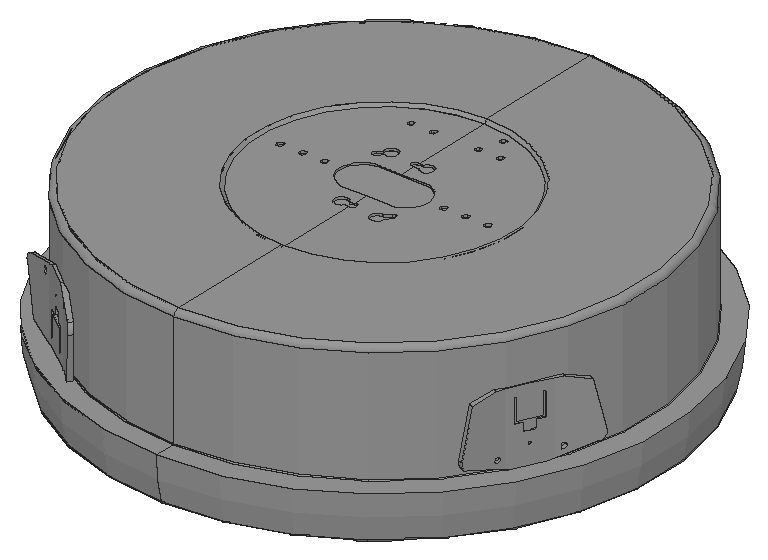
Revit family "Pelee Downlighter", category Lighting Fixtures, host Ceiling, Revit 2014 (continued)
Definition of nested family "385 Downlighter"
  Automatic sketch dimensions
    curve 3 to curve 5 = 1.937 mm
    curve 38 to curve 37 = 2.25 mm
    curve 39 to curve 39 = 2.25 mm
    curve 41 to curve 41 = 2.25 mm
    curve 43 to curve 43 = 2.25 mm
    curve 48 to curve 47 = 2.25 mm
    curve 45 to curve 45 = 2.25 mm
    curve 28 to curve 27 = 2 mm
    curve 26 to curve 25 = 2 mm
    curve 24 to curve 23 = 2 mm
    curve 29 to curve 29 = 2 mm
    curve 31 to curve 31 = 2 mm
    Extrusion 1 sketch curve to Extrusion 1 sketch curve = 2438.4 mm  (x2)
    curve 116 to level = 0 mm
    plane 4 to curve 65 = 0 mm
    curve 68 to plane 4 = 5.476 mm
    curve 67 to curve 67 = 0.16 mm
    curve 65 to level = 0 mm
    curve 65 to plane 4 = 14.4 mm
    curve 72 to curve 70 = 0.6 mm
    curve 70 to curve 69 = 4.016 mm
    curve 106 to level = 0 mm
    curve 72 to curve 106 = 62.359 mm
    curve 106 to curve 77 = 8.861 mm
    curve 106 to curve 99 = 9.295 mm
    curve 99 to curve 101 = 1.731 mm
    curve 98 to curve 92 = 2.744 mm
    curve 92 to curve 93 = 2.122 mm
    curve 93 to curve 95 = 3.021 mm
    curve 95 to curve 97 = 2.074 mm
    curve 96 to curve 98 = 2.627 mm
    curve 98 to curve 97 = 1.626 mm
    curve 76 to curve 77 = 18.389 mm
    curve 104 to curve 106 = 9.955 mm
    curve 66 to level = 4.222 mm
    curve 85 to curve 66 = 11.684 mm
    curve 120 to level = 4.222 mm
    plane 3 "Center (Left/Right)" to curve 120 = 68.262 mm
    plane 5 to curve 69 = 19.016 mm
    plane 5 to curve 124 = 16.699 mm
    plane 5 to curve 122 = 15.754 mm
    curve 124 to curve 109 = 1.699 mm
    curve 107 to curve 109 = 1.189 mm
    curve 122 to curve 123 = 2.897 mm
    plane 5 to curve 121 = 5.637 mm
    curve 121 to curve 68 = 0.16 mm
    plane 5 to curve 123 = 0 mm
    curve 101 to level = 6.98 mm
    curve 100 to curve 101 = 0.004 mm
    curve 102 to level = 6.986 mm
    curve 103 to curve 102 = 0.004 mm
    curve 98 to curve 105 = 14.02 mm
    curve 103 to curve 98 = 2 mm
    curve 100 to curve 98 = 2 mm
    curve 96 to curve 96 = 5.5 mm
    curve 93 to curve 94 = 0 mm
    curve 77 to curve 92 = 21.019 mm
    curve 108 to curve 110 = 27.463 mm
    level to curve 67 = 30.154 mm
    plane 4 to curve 84 = 8.535 mm
    curve 73 to curve 84 = 0.018 mm
    plane 4 to curve 76 = 8.585 mm
    curve 78 to curve 76 = 0.003 mm
    curve 85 to curve 84 = 1.134 mm
    curve 79 to curve 78 = 1.131 mm
    plane 4 to curve 74 = 831.218 mm
    plane 4 to curve 83 = 838.61 mm
    curve 82 to curve 83 = 28.917 mm
    plane 8 to curve 74 = 114.589 mm
    curve 74 to curve 85 = 1689.355 mm
    curve 83 to curve 74 = 17.078 mm
    plane 8 to curve 82 = 102.506 mm
    curve 82 to curve 83 = 57.664 mm
    curve 75 to curve 77 = 29.845 mm
    curve 74 to curve 76 = 3.433 mm
    curve 75 to curve 75 = 4.63 mm
    curve 75 to curve 75 = 0.03 mm
    curve 74 to level = 4.012 mm
    curve 74 to curve 73 = 13.862 mm
    curve 87 to curve 77 = 10.104 mm
    curve 86 to curve 87 = 1.797 mm
    curve 86 to curve 86 = 1.801 mm
    curve 86 to curve 87 = 0 mm
    curve 87 to curve 86 = 0.008 mm
    curve 87 to curve 86 = 1.801 mm
    curve 100 to curve 105 = 0.866 mm
    curve 105 to curve 105 = 0.001 mm
    curve 93 to curve 88 = 0.464 mm
    curve 94 to curve 94 = 1.496 mm
    curve 89 to curve 89 = 1.048 mm
    curve 88 to curve 89 = 1.049 mm
    curve 88 to curve 89 = 0 mm
    curve 89 to curve 88 = 0.001 mm
    curve 94 to curve 94 = 1.46 mm
    curve 88 to curve 88 = 1.049 mm
    curve 104 to curve 104 = 0.813 mm
    curve 104 to curve 103 = 0.813 mm
    curve 78 to curve 77 = 1.607 mm
    curve 79 to curve 90 = 4.268 mm
    curve 91 to curve 90 = 1.556 mm
    curve 90 to curve 91 = 1.558 mm
    curve 91 to curve 90 = 0 mm
    curve 90 to curve 91 = 0.005 mm
    curve 84 to curve 85 = 1.626 mm
    curve 90 to curve 90 = 1.558 mm
    curve 84 to curve 66 = 2.037 mm
    curve 85 to curve 66 = 0.364 mm
    curve 90 to curve 80 = 12.081 mm
    curve 80 to curve 80 = 0.034 mm
    curve 80 to curve 78 = 0.864 mm
    curve 80 to curve 81 = 1.711 mm
    curve 81 to curve 81 = 0.013 mm
    curve 80 to curve 81 = 1.678 mm
    curve 81 to curve 83 = 1.722 mm
    curve 80 to curve 82 = 1.698 mm
    curve 73 to plane 3 "Center (Left/Right)" = 15.898 mm
    curve 76 to plane 3 "Center (Left/Right)" = 15.846 mm
    curve 84 to plane 3 "Center (Left/Right)" = 15.781 mm
    curve 78 to plane 3 "Center (Left/Right)" = 15.76 mm
    curve 84 to curve 85 = 4.116 mm
    curve 78 to curve 79 = 4.115 mm
    curve 110 to curve 110 = 0.4 mm
    level to curve 116 = 5.915 mm
    curve 116 to curve 122 = 1.34 mm
    plane 5 to curve 114 = 16.852 mm
    curve 124 to curve 118 = 0.643 mm
    curve 118 to curve 119 = 0.234 mm
    curve 118 to curve 118 = 0.237 mm
    curve 118 to curve 119 = 0 mm
    curve 119 to curve 118 = 0.002 mm
    curve 119 to curve 119 = 0.237 mm
    curve 110 to curve 111 = 2.897 mm
    curve 116 to curve 117 = 2.896 mm
    curve 114 to curve 115 = 2.902 mm
    curve 114 to level = 4.012 mm
    curve 114 to curve 117 = 0.436 mm
    curve 118 to curve 113 = 2.843 mm
    curve 118 to curve 113 = 3.102 mm
    curve 113 to curve 113 = 0.291 mm
    curve 113 to curve 114 = 1.094 mm
    curve 114 to curve 117 = 2.943 mm
    curve 114 to curve 112 = 1.808 mm
    curve 114 to curve 112 = 1.819 mm
    curve 113 to curve 111 = 2.974 mm
    curve 112 to curve 115 = 1.171 mm
    curve 117 to curve 116 = 2.468 mm
    curve 117 to curve 111 = 0.084 mm
    curve 111 to curve 110 = 2.466 mm
    plane 8 to curve 115 = 114.59 mm
    curve 116 to curve 115 = 3062.553 mm
    curve 115 to curve 114 = 99.227 mm
    curve 79 to level = 9.099 mm
    curve 78 to curve 79 = 1.249 mm
    curve 75 to curve 75 = 4.101 mm
    curve 111 to curve 112 = 17.557 mm
    curve 80 to curve 81 = 9.831 mm
    curve 112 to curve 114 = 1.327 mm
    curve 112 to curve 112 = 1.152 mm
    curve 83 to curve 82 = 0.044 mm
    curve 88 to curve 94 = 6.957 mm
    curve 88 to curve 88 = 0 mm
    curve 85 to curve 84 = 1.249 mm
    curve 113 to curve 113 = 1.328 mm
    curve 77 to curve 86 = 9.702 mm
    curve 113 to curve 118 = 2.14 mm
    curve 79 to curve 90 = 9.702 mm
    curve 86 to curve 87 = 0.028 mm
    curve 118 to curve 119 = 0.027 mm
    curve 90 to curve 91 = 0.02 mm
    plane 7 to curve 125 = 0 mm
    plane 7 to curve 209 = 5.562 mm
    curve 170 to level = 0.599 mm
    plane 7 to curve 170 = 14.401 mm
    plane 7 to curve 168 = 15 mm
    curve 169 to curve 169 = 4 mm
    curve 169 to curve 139 = 0.033 mm
    curve 204 to level = 0 mm
    curve 168 to curve 204 = 16.541 mm
    curve 169 to curve 175 = 18.688 mm
    curve 171 to curve 200 = 6.441 mm
    curve 195 to curve 201 = 1.168 mm
    curve 199 to curve 194 = 1.829 mm
    curve 193 to curve 193 = 1.396 mm
    curve 192 to curve 191 = 1.958 mm
    curve 194 to curve 196 = 4.677 mm
    curve 190 to curve 201 = 1.652 mm
    curve 198 to curve 197 = 1.008 mm
    curve 174 to curve 175 = 13.285 mm
    curve 202 to curve 204 = 7.397 mm
    curve 208 to level = 3.994 mm
    curve 182 to curve 208 = 67.311 mm
    curve 206 to level = 3.994 mm
    curve 206 to plane 1 "Center (Front/Back)" = 69.475 mm
    curve 146 to level = 0 mm
    plane 6 to curve 146 = 42.416 mm
    plane 6 to curve 128 = 38.746 mm
    curve 146 to curve 159 = 6.491 mm
    curve 159 to curve 164 = 0.793 mm
    curve 159 to curve 159 = 2.105 mm
    curve 155 to curve 155 = 1.061 mm
    curve 155 to curve 156 = 1.584 mm
    curve 158 to curve 161 = 3.783 mm
    curve 157 to curve 163 = 1.504 mm
    curve 163 to curve 162 = 0.966 mm
    curve 128 to curve 128 = 11.425 mm
    curve 162 to curve 146 = 5.41 mm
    plane 6 to curve 141 = 19 mm
    curve 141 to curve 140 = 4 mm
    curve 143 to level = 0.599 mm
    curve 146 to curve 143 = 7.156 mm
    curve 142 to curve 142 = 0.599 mm
    plane 6 to curve 205 = 5.562 mm
    curve 147 to plane 6 = 0 mm
    curve 163 to level = 6.98 mm
    curve 198 to level = 6.982 mm
    curve 197 to curve 198 = 0.001 mm
    curve 162 to curve 163 = 0.005 mm
    curve 165 to curve 163 = 0.006 mm
    curve 199 to level = 6.986 mm
    curve 200 to curve 199 = 0.003 mm
    curve 160 to curve 165 = 0.016 mm
    curve 199 to curve 199 = 14.014 mm
    curve 164 to curve 165 = 14.015 mm
    curve 161 to curve 163 = 2 mm
    curve 196 to curve 198 = 2 mm
    curve 160 to curve 164 = 2 mm
    curve 195 to curve 199 = 2 mm
    curve 190 to curve 190 = 5.5 mm
    curve 155 to curve 158 = 5.5 mm
    curve 155 to curve 157 = 0 mm
    curve 193 to curve 192 = 0 mm
    curve 140 to curve 156 = 15.006 mm
    curve 175 to curve 193 = 21.02 mm
    curve 128 to curve 140 = 6.014 mm
    curve 169 to curve 174 = 27.48 mm
    curve 143 to curve 142 = 2.736 mm
    level to curve 207 = 30.225 mm
    level to curve 209 = 30.225 mm
    curve 207 to curve 205 = 0.775 mm
    level to curve 183 = 5.751 mm
    curve 183 to plane 7 = 115.768 mm
    curve 176 to curve 183 = 0.082 mm
    curve 171 to curve 183 = 0.132 mm
    curve 174 to curve 176 = 0.104 mm
    curve 182 to curve 183 = 2.217 mm
    curve 177 to curve 176 = 2.215 mm
    curve 181 to plane 7 = 1414.772 mm
    curve 172 to plane 7 = 1432.933 mm
    curve 180 to curve 181 = 43.53 mm
    plane 8 to curve 181 = 114.589 mm
    curve 181 to curve 182 = 2554.475 mm
    plane 8 to curve 172 = 103.232 mm
    curve 172 to curve 181 = 32.198 mm
    plane 8 to curve 180 = 116.106 mm
    curve 180 to curve 172 = 50.799 mm
    plane 7 to curve 172 = 16.049 mm
    curve 172 to curve 173 = 2.621 mm
    curve 172 to curve 173 = 3.513 mm
    curve 174 to curve 173 = 0.927 mm
    curve 172 to level = 4.012 mm
    curve 168 to curve 172 = 6.442 mm
    curve 189 to curve 175 = 7.029 mm
    curve 189 to curve 188 = 1.27 mm
    curve 188 to curve 189 = 1.272 mm
    curve 189 to curve 188 = 0 mm
    curve 188 to curve 189 = 0.004 mm
    curve 188 to curve 188 = 1.272 mm
    curve 203 to curve 203 = 0.584 mm
    curve 200 to curve 203 = 0.584 mm
    curve 193 to curve 187 = 0.303 mm
    curve 192 to curve 192 = 0.956 mm
    curve 186 to curve 187 = 0.68 mm  (x2)
    curve 186 to curve 187 = 0 mm  (x2)
    curve 187 to curve 186 = 0.001 mm
    curve 192 to curve 192 = 0.96 mm
    curve 187 to curve 187 = 0.68 mm
    curve 202 to curve 197 = 0.504 mm
    curve 202 to curve 202 = 0.001 mm
    curve 176 to curve 175 = 2.411 mm
    curve 177 to curve 185 = 1.125 mm
    curve 184 to curve 185 = 0.903 mm
    curve 184 to curve 184 = 0.905 mm
    curve 184 to curve 185 = 0 mm
    curve 185 to curve 184 = 0.004 mm
    curve 183 to curve 182 = 2.418 mm
    curve 185 to curve 185 = 0.905 mm
    curve 183 to level = 4.012 mm
    curve 182 to curve 183 = 3.761 mm
    curve 184 to curve 178 = 7.464 mm
    curve 178 to curve 178 = 0.011 mm
    curve 178 to curve 176 = 0.398 mm
    curve 183 to curve 182 = 2.456 mm
    curve 178 to curve 178 = 1.645 mm
    curve 181 to curve 179 = 0.777 mm
    curve 178 to curve 179 = 2.048 mm
    curve 179 to curve 177 = 0.433 mm
    curve 179 to curve 179 = 1.679 mm
    level to curve 171 = 32.669 mm
    curve 177 to curve 174 = 20.939 mm
    curve 183 to curve 176 = 0.002 mm
    curve 183 to curve 182 = 3.089 mm
    curve 182 to curve 177 = 0.003 mm
    curve 135 to curve 159 = 17.337 mm
    curve 135 to curve 130 = 0 mm
    curve 135 to curve 136 = 3.225 mm
    curve 130 to curve 129 = 3.226 mm
    curve 127 to curve 128 = 11.259 mm
    curve 127 to curve 144 = 0 mm  (x2)
    level to curve 145 = 27.578 mm
    curve 145 to curve 135 = 7.572 mm
    curve 145 to curve 137 = 0 mm  (x2)
    curve 129 to curve 132 = 1.249 mm
    curve 134 to curve 130 = 0.854 mm
    curve 129 to curve 132 = 2.359 mm
    curve 134 to curve 132 = 1.12 mm
    curve 135 to level = 4.012 mm
    curve 135 to curve 146 = 4.55 mm
    curve 132 to curve 131 = 1.687 mm
    curve 130 to curve 129 = 2.753 mm
    curve 129 to curve 131 = 0.286 mm
    curve 131 to curve 131 = 1.112 mm
    curve 135 to curve 136 = 2.739 mm
    curve 131 to curve 150 = 4.678 mm
    curve 146 to curve 136 = 2.661 mm
    curve 150 to curve 150 = 0.679 mm
    curve 150 to curve 151 = 0.682 mm  (x2)
    curve 151 to curve 150 = 0 mm
    curve 150 to curve 151 = 0.001 mm
    curve 128 to curve 129 = 2.629 mm
    curve 160 to curve 167 = 0.397 mm
    curve 167 to curve 167 = 0 mm
    curve 155 to curve 152 = 0.238 mm
    curve 155 to curve 154 = 0.777 mm
    curve 152 to curve 152 = 0.55 mm  (x2)
    curve 153 to curve 152 = 0 mm
    curve 152 to curve 153 = 0.001 mm
    curve 154 to curve 154 = 0.767 mm
    curve 153 to curve 152 = 0.55 mm
    curve 166 to curve 166 = 0.482 mm
    curve 166 to curve 166 = 0.483 mm
    curve 144 to curve 149 = 3.758 mm
    curve 149 to curve 148 = 1.075 mm
    curve 149 to curve 149 = 1.079 mm
    curve 149 to curve 148 = 0 mm
    curve 148 to curve 149 = 0.002 mm
    curve 148 to curve 148 = 1.079 mm
    curve 137 to curve 138 = 1.553 mm
    plane 6 to curve 126 = 11.834 mm
    curve 126 to curve 126 = 0.013 mm
    curve 144 to curve 126 = 4.001 mm
    curve 126 to curve 138 = 3.124 mm
    curve 137 to curve 136 = 0.052 mm
    curve 136 to curve 127 = 0.017 mm
    curve 144 to curve 129 = 0.057 mm
    curve 136 to curve 135 = 2.118 mm
    curve 129 to curve 130 = 2.115 mm
    curve 138 to plane 6 = 1369.846 mm
    curve 133 to plane 6 = 1383.938 mm
    curve 133 to curve 134 = 43.73 mm
    plane 8 to curve 138 = 114.589 mm
    curve 135 to curve 138 = 2762.602 mm
    plane 8 to curve 133 = 103.232 mm
    curve 138 to curve 133 = 31.207 mm
    plane 8 to curve 134 = 102.505 mm
    curve 133 to curve 134 = 94.526 mm
    curve 135 to curve 136 = 0 mm
    curve 137 to curve 137 = 0.677 mm
    curve 180 to curve 183 = 0 mm
    curve 177 to curve 182 = 1.498 mm
    curve 176 to curve 183 = 2.911 mm
    curve 132 to curve 130 = 6.795 mm
    curve 132 to curve 129 = 2.028 mm
    curve 138 to curve 126 = 4.102 mm
    curve 187 to curve 192 = 5.707 mm
    curve 153 to curve 154 = 6.957 mm
    curve 152 to curve 152 = 0 mm
    curve 173 to curve 172 = 0.942 mm
    curve 184 to curve 178 = 2.857 mm
    curve 144 to curve 148 = 3.689 mm
    curve 131 to curve 151 = 2.143 mm
    curve 175 to curve 188 = 9.702 mm
    curve 148 to curve 149 = 0.028 mm
    curve 184 to curve 185 = 0.028 mm
    curve 188 to curve 189 = 0.02 mm
    curve 151 to curve 150 = 0.02 mm
    Revolve 2 sketch curve to Revolve 2 sketch curve = 0 mm  (x2)
    Revolve 2 sketch curve to plane 3 "Center (Left/Right)" = 0 mm  (x3)
    Revolve 2 sketch curve to plane 4 = 5.636 mm
    Revolve 2 sketch curve to Revolve 2 sketch curve = 1.129 mm  (x9)
    Revolve 2 sketch curve to Revolve 2 sketch curve = 0.852 mm  (x17)
    Revolve 2 sketch curve to Revolve 2 sketch curve = 0.131 mm  (x9)
    Revolve 2 sketch curve to level = 0.6 mm
    Revolve 2 sketch curve to plane 4 = 14.4 mm
    Revolve 2 sketch curve to Revolve 2 sketch curve = 0.6 mm
    Revolve 2 sketch curve to Revolve 2 sketch curve = 1 mm  (x3)
    Revolve 2 sketch curve to Revolve 2 sketch curve = 3 mm
    level to Revolve 2 sketch curve = 14.911 mm
    level to Revolve 2 sketch curve = 13.411 mm
    level to Revolve 2 sketch curve = 11.849 mm
    level to Revolve 2 sketch curve = 10.349 mm
    level to Revolve 2 sketch curve = 8.787 mm
    Revolve 2 sketch curve to level = 0 mm
    Revolve 2 sketch curve to Revolve 2 sketch curve = 0.948 mm
    level to Revolve 2 sketch curve = 7.287 mm
    level to Revolve 2 sketch curve = 5.726 mm
    Revolve 2 sketch curve to Revolve 2 sketch curve = 86.336 mm
    Revolve 2 sketch curve to Revolve 2 sketch curve = 0.414 mm  (x2)
    Revolve 2 sketch curve to Revolve 2 sketch curve = 1.937 mm
    Revolve 2 sketch curve to level = 4.413 mm
    Revolve 2 sketch curve to plane 3 "Center (Left/Right)" = 66.543 mm
    Revolve 2 sketch curve to Revolve 2 sketch curve = 76.4 mm
    Revolve 2 sketch curve to Revolve 2 sketch curve = 78.062 mm
    Revolve 2 sketch curve to Revolve 2 sketch curve = 1.5 mm
    Revolve 2 sketch curve to Revolve 2 sketch curve = 0.075 mm  (x9)
    Revolve 2 sketch curve to Revolve 2 sketch curve = 0.781 mm  (x5)
    Revolve 2 sketch curve to Revolve 2 sketch curve = 1.425 mm  (x5)
    Revolve 2 sketch curve to Revolve 2 sketch curve = 0.008 mm
    Revolve 2 sketch curve to Revolve 2 sketch curve = 1.938 mm
    Revolve 2 sketch curve to Revolve 2 sketch curve = 25 mm
    Extrusion 3 sketch curve to plane 3 "Center (Left/Right)" = 0 mm  (x7)
    Extrusion 3 sketch curve to plane 1 "Center (Front/Back)" = 70.144 mm
    Extrusion 3 sketch curve to Extrusion 3 sketch curve = 15 mm  (x7)
    Extrusion 3 sketch curve to plane 1 "Center (Front/Back)" = 30.191 mm
    Extrusion 3 sketch curve to plane 1 "Center (Front/Back)" = 26.362 mm
    Extrusion 3 sketch curve to Extrusion 3 sketch curve = 1.626 mm  (x6)
    Extrusion 3 sketch curve to Extrusion 3 sketch curve = 3.02 mm  (x7)
    Extrusion 3 sketch curve to Extrusion 3 sketch curve = 10.268 mm
    Extrusion 3 sketch curve to Extrusion 3 sketch curve = 4.361 mm  (x2)
    Extrusion 3 sketch curve to plane 1 "Center (Front/Back)" = 15 mm
    Extrusion 3 sketch curve to plane 1 "Center (Front/Back)" = 6.888 mm
    Extrusion 3 sketch curve to plane 1 "Center (Front/Back)" = 3.02 mm  (x2)
    Extrusion 3 sketch curve to plane 1 "Center (Front/Back)" = 1.25 mm
    plane 1 "Center (Front/Back)" to Extrusion 3 sketch curve = 1.25 mm
    plane 1 "Center (Front/Back)" to Extrusion 3 sketch curve = 3.02 mm  (x2)
    Extrusion 3 sketch curve to Extrusion 3 sketch curve = 3.868 mm
    plane 1 "Center (Front/Back)" to Extrusion 3 sketch curve = 15 mm
    plane 1 "Center (Front/Back)" to Extrusion 3 sketch curve = 15.191 mm
    Extrusion 3 sketch curve to Extrusion 3 sketch curve = 3.981 mm
    Extrusion 3 sketch curve to Extrusion 3 sketch curve = 1.109 mm
    Extrusion 3 sketch curve to Extrusion 3 sketch curve = 25.144 mm
    Extrusion 3 sketch curve to Extrusion 3 sketch curve = 7.209 mm  (x2)
    Extrusion 3 sketch curve to Extrusion 3 sketch curve = 10.19 mm  (x2)
    Extrusion 3 sketch curve to Extrusion 3 sketch curve = 2.3 mm  (x2)
    Extrusion 3 sketch curve to Extrusion 3 sketch curve = 31.045 mm
    Extrusion 3 sketch curve to Extrusion 3 sketch curve = 33.145 mm
    Extrusion 3 sketch curve to Extrusion 3 sketch curve = 0 mm  (x2)
    Extrusion 3 sketch curve to Extrusion 3 sketch curve = 15.223 mm
    Extrusion 4 sketch curve to plane 1 "Center (Front/Back)" = 0 mm
    Extrusion 4 sketch curve to plane 3 "Center (Left/Right)" = 0 mm
    plane 4 to Revolve 5 sketch curve = 0 mm
    Revolve 5 sketch curve to plane 3 "Center (Left/Right)" = 0 mm  (x2)
    Revolve 5 sketch curve to plane 4 = 5.023 mm
    Revolve 5 sketch curve to level = 0 mm
    Revolve 5 sketch curve to plane 4 = 15 mm
    Revolve 5 sketch curve to level = 4.222 mm
    Revolve 5 sketch curve to plane 3 "Center (Left/Right)" = 68.262 mm
    Revolve 5 sketch curve to level = 81 mm
    Revolve 5 sketch curve to Revolve 5 sketch curve = 0 mm
    Revolve 5 sketch curve to plane 8 = 36 mm
    radius of Extrusion 3 sketch curve = 2.25 mm  (x6)
    radius of Extrusion 3 sketch curve = 2 mm  (x5)
    radius of Extrusion 4 sketch curve = 192.5 mm
  Nested families
    nested 1: "Switch" at (177.493, 1.524, -26.686) x (0.0086, -1, 0) z (1, 0.0086, 0), visible <- "Visible 385", type "Switch"
    nested 2: "Switch" at (-76.726, 160.061, -23.297) x (-0.9017, -0.4323, 0) z (-0.4323, 0.9017, 0), visible <- "Visible 385", type "Switch"
    nested 3: "Switch" at (-141.076, -107.721, -26.686) x (-0.6069, 0.7948, 0) z (-0.7948, -0.6069, 0), visible <- "Visible 385", type "Switch"
  Definition of nested family "Switch"
    Parameters (values of type "Switch")
      Material Secondary = Acrylic-Focus Lighting-Switch-Polished
      Default Elevation = 1219.2 mm
    Reference planes
      plane 1 "Center (Front/Back)": y = 0
      plane 2: z = 0
      plane 3 "Center (Left/Right)": x = 0
    Forms (mm)
      Extrusion 1, solid
        sketch origin (0, 0, 0) x (1, 0, 0) y (0, 1, 0)
          loop
            line (-1219.2, 1219.2) -> (-1219.2, -1219.2) -> (1219.2, -1219.2) -> (1219.2, 1219.2) -> (-1219.2, 1219.2)
        from 0 to -304.8
      Extrusion 2, solid, material "Acrylic-Focus Lighting-Switch-Polished" <- "Material Secondary"
        sketch origin (405.62, -1444.455, -44.764) x (1, 0, 0) y (0, 1, 0)
          loop
            line (-425, 1418) -> (-385, 1418) -> (-370.028, 1422.012) -> (-362.674, 1453.864)
            arc (-362.674, 1453.864) -> (-363.26, 1457.564) -> (-366.252, 1459.818) r 5
            line (-366.252, 1459.818) -> (-395, 1467.521) -> (-415, 1467.521) -> (-443.748, 1459.818)
            arc (-443.748, 1459.818) -> (-446.74, 1457.564) -> (-447.326, 1453.864) r 5
            line (-447.326, 1453.864) -> (-439.972, 1422.012) -> (-425, 1418)
          loop
            circle (-385.626, 1459.818) r 2
          loop
            circle (-424.374, 1459.818) r 2
          loop
            arc (-397.5, 1425) -> (-396.5, 1424) -> (-395.5, 1425) r 1
            line (-395.5, 1425) -> (-395.5, 1441) -> (-400.7, 1441) -> (-400.7, 1446.5) -> (-403.2, 1446.5)
            arc (-403.2, 1446.5) -> (-405, 1447.155) -> (-406.8, 1446.5) r 2.802
            line (-406.8, 1446.5) -> (-409.3, 1446.5) -> (-409.3, 1441) -> (-414.5, 1441) -> (-414.5, 1425)
            arc (-414.5, 1425) -> (-413.5, 1424) -> (-412.5, 1425) r 1
            line (-412.5, 1425) -> (-412.5, 1439) -> (-397.5, 1439) -> (-397.5, 1425)
          loop
            circle (-405, 1454.112) r 1.25
        from 39.908 to 54.139
      Extrusion 3, void
        sketch origin (2.42, -1444.455, -236.264) x (0, 0, 1) y (1, 0, 0)
          loop
            arc (242.221, 42.188) -> (237.07, -1.603) -> (242.872, -45.313) r 177.5
            line (242.872, -45.313) -> (249.308, -45.313) -> (249.308, 42.188) -> (242.221, 42.188)
          loop
            line (239.113, 42.188) -> (229.113, 42.188) -> (229.113, -45.313) -> (239.885, -45.313)
            arc (239.885, -45.313) -> (234.177, -1.609) -> (239.113, 42.188) r 182.5
        from 1414.774 to 1471.01
    Cuts and joins
      Extrusion 3 cuts Extrusion 2
    Dimensions and locks
      aligned and locked: plane 2 to Extrusion 1
      aligned and locked: level to Extrusion 1
Definition of nested family "250 Downlighter"
  Parameters (values of type "250 Downlighter")
    Width = 250 mm
    Visible 250 = yes
    Material Secondary = Acrylic-Focus Lighting-Switch-Polished
    Material Main = Aluminum-Focus Lighting-Pelee 250-Satin
    Height = 112 mm
    Depth = 250 mm
    Default Elevation = 1219.2 mm
  Reference planes
    plane 1 "Center (Front/Back)": y = 0
    plane 2: z = 0
    plane 3 "Center (Left/Right)": x = 0
    plane 4: x = -125
    plane 5: x = 125
    plane 6: y = 125
    plane 7: y = -125
    plane 8: z = 112
  Forms (mm)
    Extrusion 1, solid
      sketch origin (0, 0, 0) x (1, 0, 0) y (0, 1, 0)
        loop
          line (-1219.2, 1219.2) -> (-1219.2, -1219.2) -> (1219.2, -1219.2) -> (1219.2, 1219.2) -> (-1219.2, 1219.2)
      from 0 to -304.8
    Revolve 2, solid, material "Aluminum-Focus Lighting-Pelee 250-Satin", visible <- "Visible 250", detail levels fine
      sketch origin (0, 0, 1500) x (1, 0, 0) y (0, 0, 1)
        loop
          arc (-120.178, -1388.613) -> (-123.52, -1403.659) -> (-125, -1419) r 126.034
          line (-125, -1419) -> (-110.6, -1419)
          arc (-110.6, -1419) -> (-110.176, -1419.176) -> (-110, -1419.6) r 0.6
          line (-110, -1419.6) -> (-110, -1496)
          arc (-110, -1496) -> (-108.828, -1498.828) -> (-106, -1500) r 4
          line (-106, -1500) -> (0, -1500) -> (0, -1499) -> (-106, -1499)
          arc (-106, -1499) -> (-108.121, -1498.121) -> (-109, -1496) r 3
          line (-109, -1496) -> (-109, -1420) -> (0, -1420) -> (0, -1419) -> (-96.538, -1419) -> (-96.538, -1414.774) -> (-93.538, -1414.774) -> (-93.669, -1413.274)
          arc (-93.669, -1413.274) -> (-93.943, -1412.718) -> (-94.521, -1412.493) r 0.855
          line (-94.521, -1412.493) -> (-95.65, -1412.493)
          arc (-95.65, -1412.493) -> (-96.228, -1412.269) -> (-96.502, -1411.713) r 0.855
          line (-96.502, -1411.713) -> (-96.633, -1410.213)
          arc (-96.633, -1410.213) -> (-96.908, -1409.656) -> (-97.486, -1409.432) r 0.855
          line (-97.486, -1409.432) -> (-98.614, -1409.432)
          arc (-98.614, -1409.432) -> (-99.192, -1409.207) -> (-99.466, -1408.651) r 0.855
          line (-99.466, -1408.651) -> (-99.598, -1407.151)
          arc (-99.598, -1407.151) -> (-99.872, -1406.595) -> (-100.45, -1406.37) r 0.855
          line (-100.45, -1406.37) -> (-101.578, -1406.37)
          arc (-101.578, -1406.37) -> (-102.156, -1406.145) -> (-102.431, -1405.589) r 0.855
          line (-102.431, -1405.589) -> (-102.562, -1404.089)
          arc (-102.562, -1404.089) -> (-102.836, -1403.533) -> (-103.414, -1403.308) r 0.855
          line (-103.414, -1403.308) -> (-104.543, -1403.308)
          arc (-104.543, -1403.308) -> (-105.121, -1403.084) -> (-105.395, -1402.528) r 0.855
          line (-105.395, -1402.528) -> (-105.526, -1401.028)
          arc (-105.526, -1401.028) -> (-105.8, -1400.471) -> (-106.378, -1400.247) r 0.855
          line (-106.378, -1400.247) -> (-107.507, -1400.247)
          arc (-107.507, -1400.247) -> (-108.085, -1400.022) -> (-108.359, -1399.466) r 0.855
          line (-108.359, -1399.466) -> (-108.49, -1397.966)
          arc (-108.49, -1397.966) -> (-108.764, -1397.41) -> (-109.342, -1397.185) r 0.855
          line (-109.342, -1397.185) -> (-110.471, -1397.185)
          arc (-110.471, -1397.185) -> (-111.049, -1396.96) -> (-111.323, -1396.404) r 0.855
          line (-111.323, -1396.404) -> (-111.454, -1394.904)
          arc (-111.454, -1394.904) -> (-111.729, -1394.348) -> (-112.307, -1394.123) r 0.855
          line (-112.307, -1394.123) -> (-113.435, -1394.123)
          arc (-113.435, -1394.123) -> (-114.013, -1393.899) -> (-114.287, -1393.343) r 0.855
          line (-114.287, -1393.343) -> (-114.419, -1391.843)
          arc (-114.419, -1391.843) -> (-114.693, -1391.286) -> (-115.271, -1391.062) r 0.855
          line (-115.271, -1391.062) -> (-116.399, -1391.062)
          arc (-116.399, -1391.062) -> (-116.977, -1390.837) -> (-117.252, -1390.281) r 0.855
          line (-117.252, -1390.281) -> (-117.383, -1388.781)
          arc (-117.383, -1388.781) -> (-117.657, -1388.225) -> (-118.235, -1388) r 0.855
          line (-118.235, -1388) -> (-119.364, -1388)
          arc (-119.364, -1388) -> (-119.873, -1388.17) -> (-120.178, -1388.613) r 0.847
        axis (0, -1388) -> (0, -1500)
      angle from 0 to 360
    Extrusion 3, void
      sketch origin (0, 0, -1498.653) x (0, -1, 0) y (1, 0, 0)
        loop
          circle (-16, 0) r 11
        loop
          circle (16, 0) r 11
        loop
          circle (101, 0) r 2.5
        loop
          circle (-101, 0) r 2.5
      from 1498.653 to 1500
    Extrusion 4, solid, visible <- "Visible 250", detail levels coarse
      sketch origin (0, 0, -1388) x (0, -1, 0) y (1, 0, 0)
        loop
          circle (0, 0) r 125
      from 1388 to 1500
    Revolve 5, solid, visible <- "Visible 250", detail levels medium
      sketch origin (0, 0, 1500) x (1, 0, 0) y (0, 0, 1)
        loop
          line (-110, -1419) -> (-110, -1500) -> (0, -1500) -> (0, -1388) -> (-119.967, -1388)
          arc (-119.967, -1388) -> (-123.46, -1403.341) -> (-125, -1419) r 125.092
          line (-125, -1419) -> (-110, -1419)
        axis (0, -1388) -> (0, -1500)
      angle from 0 to 360
  Cuts and joins
    Extrusion 3 cuts Revolve 2
    Extrusion 3 cuts Revolve 5
  Lines and regions (mm)
    symbolic lines, visible <- "Visible 250", detail levels fine
      curve 1: arc (11, 16, 0) -> (0, 5, 0) -> (-11, 16, 0) r 11
      curve 2: arc (-11, 16, 0) -> (0, 27, 0) -> (11, 16, 0) r 11
      curve 3: arc (11, -16, 0) -> (0, -27, 0) -> (-11, -16, 0) r 11
      curve 4: arc (-11, -16, 0) -> (0, -5, 0) -> (11, -16, 0) r 11
      curve 5: arc (2.5, -101, 0) -> (0, -103.5, 0) -> (-2.5, -101, 0) r 2.5
      curve 6: arc (-2.5, -101, 0) -> (0, -98.5, 0) -> (2.5, -101, 0) r 2.5
      curve 7: arc (2.5, 101, 0) -> (0, 98.5, 0) -> (-2.5, 101, 0) r 2.5
      curve 8: arc (-2.5, 101, 0) -> (0, 103.5, 0) -> (2.5, 101, 0) r 2.5
      curve 63: spline (108.967, 0, 39.183) -> (108.959, 0, 38.664) -> (108.939, 0, 38.181) -> (108.907, 0, 37.766) -> (108.866, 0, 37.449) -> (108.818, 0, 37.249) -> (108.768, 0, 37.181) -> (108.718, 0, 37.249) -> (108.671, 0, 37.449) -> (108.631, 0, 37.767) -> (108.601, 0, 38.181) -> (108.582, 0, 38.665) -> (108.576, 0, 39.184)
      curve 64: spline (108.576, 0, 39.184) -> (108.583, 0, 39.702) -> (108.603, 0, 40.185) -> (108.635, 0, 40.599) -> (108.675, 0, 40.917) -> (108.723, 0, 41.116) -> (108.773, 0, 41.184) -> (108.823, 0, 41.116) -> (108.87, 0, 40.916) -> (108.91, 0, 40.599) -> (108.941, 0, 40.185) -> (108.96, 0, 39.702) -> (108.967, 0, 39.183)
      curve 65: spline (-79.19, 0, 39.183) -> (-79.126, 0, 39.702) -> (-78.944, 0, 40.185) -> (-78.657, 0, 40.6) -> (-78.285, 0, 40.918) -> (-77.852, 0, 41.117) -> (-77.388, 0, 41.185) -> (-76.924, 0, 41.117) -> (-76.491, 0, 40.918) -> (-76.119, 0, 40.6) -> (-75.833, 0, 40.185) -> (-75.652, 0, 39.702) -> (-75.588, 0, 39.183)
      curve 66: spline (-75.588, 0, 39.183) -> (-75.653, 0, 38.664) -> (-75.834, 0, 38.182) -> (-76.121, 0, 37.767) -> (-76.493, 0, 37.45) -> (-76.926, 0, 37.25) -> (-77.39, 0, 37.182) -> (-77.854, 0, 37.25) -> (-78.287, 0, 37.45) -> (-78.659, 0, 37.767) -> (-78.945, 0, 38.182) -> (-79.126, 0, 38.664) -> (-79.19, 0, 39.183)
      curve 67: spline (-59.493, 0, 44.891) -> (-59.529, 0, 45.214) -> (-59.634, 0, 45.516) -> (-59.8, 0, 45.775) -> (-60.018, 0, 45.973) -> (-60.271, 0, 46.098) -> (-60.542, 0, 46.14) -> (-60.814, 0, 46.098) -> (-61.067, 0, 45.973) -> (-61.284, 0, 45.774) -> (-61.451, 0, 45.515) -> (-61.555, 0, 45.214) -> (-61.591, 0, 44.89)
      curve 68: spline (-61.591, 0, 44.89) -> (-61.555, 0, 44.567) -> (-61.45, 0, 44.265) -> (-61.284, 0, 44.006) -> (-61.066, 0, 43.808) -> (-60.813, 0, 43.683) -> (-60.542, 0, 43.64) -> (-60.27, 0, 43.683) -> (-60.017, 0, 43.808) -> (-59.8, 0, 44.007) -> (-59.633, 0, 44.266) -> (-59.529, 0, 44.567) -> (-59.493, 0, 44.891)
      curve 69: spline (-46.43, 0, 39.184) -> (-46.375, 0, 39.702) -> (-46.219, 0, 40.185) -> (-45.971, 0, 40.599) -> (-45.649, 0, 40.917) -> (-45.274, 0, 41.117) -> (-44.872, 0, 41.185) -> (-44.47, 0, 41.117) -> (-44.095, 0, 40.917) -> (-43.773, 0, 40.599) -> (-43.525, 0, 40.185) -> (-43.368, 0, 39.703) -> (-43.313, 0, 39.184)
      curve 70: spline (-43.313, 0, 39.184) -> (-43.367, 0, 38.665) -> (-43.523, 0, 38.182) -> (-43.771, 0, 37.768) -> (-44.093, 0, 37.45) -> (-44.468, 0, 37.251) -> (-44.87, 0, 37.182) -> (-45.272, 0, 37.25) -> (-45.647, 0, 37.45) -> (-45.969, 0, 37.768) -> (-46.218, 0, 38.182) -> (-46.375, 0, 38.665) -> (-46.43, 0, 39.184)
      curve 71: line (-54.333, 0, 60.002) -> (-66.921, 0, 60.002)
      curve 72: line (-66.921, 0, 74.022) -> (-66.921, 0, 60.002)
      curve 73: line (-68.652, 0, 58.002) -> (-68.652, 0, 74.018)
      curve 74: line (-68.652, 0, 58.002) -> (-64.177, 0, 58.002)
      curve 75: line (-56.96, 0, 58.002) -> (-52.707, 0, 58.002)
      curve 76: line (-52.707, 0, 74.013) -> (-52.707, 0, 58.002)
      curve 77: line (-54.333, 0, 60.002) -> (-54.333, 0, 74.017)
      curve 78: spline (-54.333, 0, 74.017) -> (-54.303, 0, 74.273) -> (-54.22, 0, 74.511) -> (-54.09, 0, 74.715) -> (-53.922, 0, 74.871) -> (-53.728, 0, 74.969) -> (-53.519, 0, 75.002) -> (-53.31, 0, 74.968) -> (-53.116, 0, 74.869) -> (-52.948, 0, 74.712) -> (-52.819, 0, 74.508) -> (-52.737, 0, 74.269) -> (-52.707, 0, 74.013)
      curve 79: spline (-68.652, 0, 74.018) -> (-68.62, 0, 74.273) -> (-68.532, 0, 74.511) -> (-68.394, 0, 74.714) -> (-68.216, 0, 74.87) -> (-68.009, 0, 74.968) -> (-67.788, 0, 75.002) -> (-67.567, 0, 74.969) -> (-67.36, 0, 74.872) -> (-67.182, 0, 74.717) -> (-67.043, 0, 74.514) -> (-66.955, 0, 74.277) -> (-66.921, 0, 74.022)
      curve 80: line (-64.177, 0, 52.502) -> (-64.177, 0, 58.002)
      curve 81: line (-56.96, 0, 58.002) -> (-56.96, 0, 52.502)
      curve 82: line (-59.034, 0, 52.502) -> (-56.96, 0, 52.502)
      curve 83: line (-64.177, 0, 52.502) -> (-62.055, 0, 52.502)
      curve 84: spline (-59.034, 0, 52.502) -> (-59.252, 0, 52.308) -> (-59.488, 0, 52.145) -> (-59.738, 0, 52.016) -> (-59.999, 0, 51.923) -> (-60.268, 0, 51.866) -> (-60.54, 0, 51.847) -> (-60.813, 0, 51.866) -> (-61.083, 0, 51.923) -> (-61.345, 0, 52.016) -> (-61.597, 0, 52.145) -> (-61.835, 0, 52.308) -> (-62.055, 0, 52.502)
      curve 98: line (0, 104.064, 58.001) -> (0, 104.064, 74.016)
      curve 99: line (0, 103.098, 74.021) -> (0, 103.098, 60.001)
      curve 100: spline (0, 104.064, 74.016) -> (0, 104.046, 74.271) -> (0, 103.997, 74.509) -> (0, 103.92, 74.712) -> (0, 103.82, 74.868) -> (0, 103.705, 74.967) -> (0, 103.582, 75.001) -> (0, 103.458, 74.968) -> (0, 103.343, 74.871) -> (0, 103.243, 74.716) -> (0, 103.166, 74.513) -> (0, 103.116, 74.277) -> (0, 103.098, 74.021)
      curve 101: line (0, 96.499, 60.001) -> (0, 96.499, 74.015)
      curve 102: spline (0, 96.499, 74.015) -> (0, 96.484, 74.273) -> (0, 96.443, 74.511) -> (0, 96.38, 74.716) -> (0, 96.297, 74.872) -> (0, 96.202, 74.969) -> (0, 96.099, 75.001) -> (0, 95.997, 74.965) -> (0, 95.902, 74.864) -> (0, 95.821, 74.705) -> (0, 95.758, 74.498) -> (0, 95.719, 74.257) -> (0, 95.705, 74)
      curve 103: line (0, 95.705, 74) -> (0, 95.705, 58.001)
      curve 104: line (0, 95.705, 58.001) -> (0, 97.811, 58.001)
      curve 105: line (0, 97.811, 58.001) -> (0, 97.811, 52.501)
      curve 106: line (0, 101.594, 52.501) -> (0, 101.594, 58.001)
      curve 107: line (0, 97.811, 52.501) -> (0, 98.872, 52.501)
      curve 108: spline (0, 98.872, 52.501) -> (0, 98.984, 52.306) -> (0, 99.107, 52.144) -> (0, 99.237, 52.015) -> (0, 99.373, 51.921) -> (0, 99.513, 51.865) -> (0, 99.656, 51.846) -> (0, 99.799, 51.865) -> (0, 99.941, 51.921) -> (0, 100.079, 52.015) -> (0, 100.212, 52.144) -> (0, 100.338, 52.306) -> (0, 100.455, 52.501)
      curve 109: line (0, 100.455, 52.501) -> (0, 101.594, 52.501)
      curve 110: line (0, 103.098, 60.001) -> (0, 96.499, 60.001)
      curve 111: line (0, 101.594, 58.001) -> (0, 104.064, 58.001)
      curve 112: spline (0, 108.067, 39.182) -> (0, 108.105, 38.663) -> (0, 108.215, 38.18) -> (0, 108.386, 37.766) -> (0, 108.61, 37.448) -> (0, 108.869, 37.249) -> (0, 109.147, 37.181) -> (0, 109.425, 37.249) -> (0, 109.684, 37.448) -> (0, 109.907, 37.766) -> (0, 110.078, 38.18) -> (0, 110.187, 38.663) -> (0, 110.225, 39.182)
      curve 113: spline (0, 110.225, 39.182) -> (0, 110.186, 39.701) -> (0, 110.076, 40.184) -> (0, 109.904, 40.598) -> (0, 109.681, 40.916) -> (0, 109.421, 41.116) -> (0, 109.143, 41.184) -> (0, 108.865, 41.116) -> (0, 108.606, 40.916) -> (0, 108.383, 40.598) -> (0, 108.212, 40.184) -> (0, 108.104, 39.701) -> (0, 108.067, 39.182)
      curve 114: spline (0, 99.109, 44.889) -> (0, 99.128, 45.213) -> (0, 99.183, 45.514) -> (0, 99.27, 45.773) -> (0, 99.384, 45.972) -> (0, 99.517, 46.097) -> (0, 99.659, 46.139) -> (0, 99.801, 46.096) -> (0, 99.934, 45.972) -> (0, 100.048, 45.773) -> (0, 100.135, 45.514) -> (0, 100.19, 45.212) -> (0, 100.209, 44.889)
      curve 115: spline (0, 100.209, 44.889) -> (0, 100.19, 44.565) -> (0, 100.135, 44.264) -> (0, 100.048, 44.005) -> (0, 99.934, 43.806) -> (0, 99.801, 43.682) -> (0, 99.659, 43.639) -> (0, 99.517, 43.682) -> (0, 99.384, 43.807) -> (0, 99.27, 44.005) -> (0, 99.183, 44.264) -> (0, 99.128, 44.566) -> (0, 99.109, 44.889)
      curve 116: spline (0, 92.781, 39.183) -> (0, 92.757, 39.701) -> (0, 92.689, 40.184) -> (0, 92.581, 40.598) -> (0, 92.44, 40.916) -> (0, 92.276, 41.115) -> (0, 92.1, 41.183) -> (0, 91.924, 41.115) -> (0, 91.759, 40.916) -> (0, 91.618, 40.598) -> (0, 91.509, 40.184) -> (0, 91.44, 39.701) -> (0, 91.416, 39.183)
      curve 117: spline (0, 91.416, 39.183) -> (0, 91.439, 38.664) -> (0, 91.507, 38.181) -> (0, 91.615, 37.767) -> (0, 91.756, 37.449) -> (0, 91.92, 37.249) -> (0, 92.096, 37.181) -> (0, 92.272, 37.249) -> (0, 92.436, 37.449) -> (0, 92.578, 37.767) -> (0, 92.687, 38.181) -> (0, 92.756, 38.664) -> (0, 92.781, 39.183)
      curve 132: spline (0, -105.512, 39.184) -> (0, -105.467, 38.665) -> (0, -105.339, 38.182) -> (0, -105.136, 37.768) -> (0, -104.873, 37.45) -> (0, -104.567, 37.25) -> (0, -104.239, 37.182) -> (0, -103.91, 37.251) -> (0, -103.605, 37.45) -> (0, -103.342, 37.768) -> (0, -103.141, 38.182) -> (0, -103.013, 38.665) -> (0, -102.969, 39.184)
      curve 133: spline (0, -102.969, 39.184) -> (0, -103.014, 39.703) -> (0, -103.142, 40.185) -> (0, -103.345, 40.599) -> (0, -103.608, 40.917) -> (0, -103.914, 41.117) -> (0, -104.242, 41.185) -> (0, -104.57, 41.117) -> (0, -104.876, 40.917) -> (0, -105.138, 40.599) -> (0, -105.34, 40.185) -> (0, -105.468, 39.702) -> (0, -105.512, 39.184)
      curve 134: spline (0, -82.263, 39.183) -> (0, -82.295, 39.702) -> (0, -82.385, 40.185) -> (0, -82.528, 40.6) -> (0, -82.715, 40.918) -> (0, -82.932, 41.117) -> (0, -83.165, 41.185) -> (0, -83.398, 41.117) -> (0, -83.616, 40.918) -> (0, -83.804, 40.6) -> (0, -83.948, 40.185) -> (0, -84.04, 39.702) -> (0, -84.073, 39.183)
      curve 135: spline (0, -84.073, 39.183) -> (0, -84.041, 38.664) -> (0, -83.951, 38.182) -> (0, -83.807, 37.767) -> (0, -83.62, 37.45) -> (0, -83.403, 37.25) -> (0, -83.17, 37.182) -> (0, -82.937, 37.25) -> (0, -82.719, 37.45) -> (0, -82.532, 37.767) -> (0, -82.387, 38.181) -> (0, -82.296, 38.664) -> (0, -82.263, 39.183)
      curve 136: spline (0, -93.141, 45.986) -> (0, -92.983, 46.101) -> (0, -92.815, 46.141) -> (0, -92.646, 46.102) -> (0, -92.488, 45.988) -> (0, -92.35, 45.806) -> (0, -92.241, 45.567) -> (0, -92.168, 45.285) -> (0, -92.135, 44.979) -> (0, -92.145, 44.667) -> (0, -92.196, 44.369) -> (0, -92.285, 44.104) -> (0, -92.408, 43.887)
      curve 137: spline (0, -92.408, 43.887) -> (0, -92.57, 43.723) -> (0, -92.75, 43.646) -> (0, -92.935, 43.661) -> (0, -93.111, 43.767) -> (0, -93.265, 43.956) -> (0, -93.385, 44.215) -> (0, -93.463, 44.524) -> (0, -93.493, 44.86) -> (0, -93.472, 45.198) -> (0, -93.403, 45.513) -> (0, -93.29, 45.783) -> (0, -93.141, 45.986)
      curve 138: line (0, -88.863, 74.021) -> (0, -88.863, 60.002)
      curve 139: line (0, -87.855, 58.002) -> (0, -87.855, 74.019)
      curve 140: line (0, -90.515, 58.002) -> (0, -87.855, 58.002)
      curve 141: line (0, -98.189, 58.002) -> (0, -95.192, 58.002)
      curve 142: line (0, -98.189, 74.013) -> (0, -98.189, 58.002)
      curve 143: line (0, -97.021, 60.002) -> (0, -97.021, 74.016)
      curve 144: line (0, -88.863, 60.002) -> (0, -97.021, 60.002)
      curve 145: spline (0, -97.021, 74.016) -> (0, -97.043, 74.273) -> (0, -97.103, 74.511) -> (0, -97.196, 74.715) -> (0, -97.316, 74.871) -> (0, -97.456, 74.969) -> (0, -97.606, 75.002) -> (0, -97.756, 74.968) -> (0, -97.896, 74.869) -> (0, -98.016, 74.713) -> (0, -98.109, 74.508) -> (0, -98.168, 74.27) -> (0, -98.189, 74.013)
      curve 146: spline (0, -87.855, 74.019) -> (0, -87.874, 74.275) -> (0, -87.926, 74.512) -> (0, -88.006, 74.715) -> (0, -88.109, 74.871) -> (0, -88.23, 74.969) -> (0, -88.358, 75.002) -> (0, -88.487, 74.969) -> (0, -88.608, 74.872) -> (0, -88.712, 74.716) -> (0, -88.792, 74.513) -> (0, -88.844, 74.276) -> (0, -88.863, 74.021)
      curve 147: line (0, -90.515, 52.502) -> (0, -90.515, 58.002)
      curve 148: line (0, -95.192, 58.002) -> (0, -95.192, 52.502)
      curve 149: spline (0, -93.797, 52.502) -> (0, -93.652, 52.308) -> (0, -93.497, 52.145) -> (0, -93.333, 52.016) -> (0, -93.163, 51.923) -> (0, -92.988, 51.866) -> (0, -92.811, 51.847) -> (0, -92.634, 51.866) -> (0, -92.46, 51.923) -> (0, -92.292, 52.016) -> (0, -92.13, 52.145) -> (0, -91.979, 52.308) -> (0, -91.839, 52.502)
      curve 150: line (0, -91.839, 52.502) -> (0, -90.515, 52.502)
      curve 151: line (0, -95.192, 52.502) -> (0, -93.797, 52.502)
    symbolic lines, visible <- "Visible 250"
      curve 9: arc (-125, 0, 0) -> (0, 125, 0) -> (125, 0, 0) r 125
      curve 10: arc (125, 0, 0) -> (0, -125, 0) -> (-125, 0, 0) r 125
      curve 27: line (-125, 0, 81) -> (-110.6, 0, 81)
      curve 28: line (-119.311, 0, 112) -> (119.311, 0, 112)
      curve 29: arc (-125, 0, 81) -> (-123.537, 0, 96.182) -> (-120.237, 0, 111.074) r 125.092
      curve 30: arc (-120.237, 0, 111.074) -> (-119.965, 0, 111.729) -> (-119.311, 0, 112) r 0.926
      curve 31: arc (125, 0, 81) -> (123.537, 0, 96.182) -> (120.237, 0, 111.074) r 125.092
      curve 32: arc (120.237, 0, 111.074) -> (119.965, 0, 111.729) -> (119.311, 0, 112) r 0.926
      curve 33: line (-110, 0, 80.4) -> (-110, 0, 4)
      curve 34: line (106, 0, 0) -> (-106, 0, 0)
      curve 35: arc (-106, 0, 0) -> (-108.828, 0, 1.172) -> (-110, 0, 4) r 4
      curve 36: arc (-110, 0, 80.4) -> (-110.176, 0, 80.824) -> (-110.6, 0, 81) r 0.6
      curve 37: line (125, 0, 81) -> (112.142, 0, 81)
      curve 38: arc (106, 0, 0) -> (108.828, 0, 1.172) -> (110, 0, 4) r 4
      curve 49: line (111.185, 0, 31.48) -> (110, 0, 31.48)
      curve 56: spline (114.644, 0, 76.989) -> (114.387, 0, 77.321) -> (114.139, 0, 77.654) -> (113.899, 0, 77.987) -> (113.668, 0, 78.32) -> (113.447, 0, 78.654) -> (113.234, 0, 78.988) -> (113.029, 0, 79.323) -> (112.834, 0, 79.658) -> (112.648, 0, 79.993) -> (112.47, 0, 80.328) -> (112.302, 0, 80.664) -> (112.142, 0, 81)
      curve 57: spline (116.344, 0, 45.366) -> (116.19, 0, 48.001) -> (116.039, 0, 50.635) -> (115.889, 0, 53.27) -> (115.742, 0, 55.905) -> (115.597, 0, 58.54) -> (115.454, 0, 61.175) -> (115.313, 0, 63.811) -> (115.175, 0, 66.446) -> (115.039, 0, 69.082) -> (114.905, 0, 71.717) -> (114.773, 0, 74.353) -> (114.644, 0, 76.989)
      curve 58: spline (115.5, 0, 39.207) -> (115.645, 0, 39.417) -> (115.782, 0, 39.707) -> (115.91, 0, 40.072) -> (116.026, 0, 40.506) -> (116.128, 0, 41.001) -> (116.215, 0, 41.549) -> (116.284, 0, 42.14) -> (116.335, 0, 42.763) -> (116.367, 0, 43.409) -> (116.379, 0, 44.066) -> (116.372, 0, 44.722) -> (116.344, 0, 45.366)
      curve 61: spline (111.185, 0, 31.48) -> (111.364, 0, 32.128) -> (111.575, 0, 32.777) -> (111.82, 0, 33.424) -> (112.098, 0, 34.071) -> (112.408, 0, 34.717) -> (112.752, 0, 35.362) -> (113.128, 0, 36.007) -> (113.537, 0, 36.649) -> (113.979, 0, 37.291) -> (114.454, 0, 37.931) -> (114.961, 0, 38.57) -> (115.5, 0, 39.207)
      curve 62: line (110, 0, 31.48) -> (110, 0, 4)
      curve 86: line (112.142, 0, 81) -> (108.823, 0, 81)
      curve 87: spline (0, 118.183, 76.989) -> (0, 118.568, 74.317) -> (0, 118.954, 71.645) -> (0, 119.343, 68.974) -> (0, 119.734, 66.302) -> (0, 120.126, 63.631) -> (0, 120.521, 60.96) -> (0, 120.918, 58.289) -> (0, 121.317, 55.618) -> (0, 121.718, 52.947) -> (0, 122.121, 50.276) -> (0, 122.526, 47.606) -> (0, 122.933, 44.935)
      curve 88: spline (0, 122.933, 44.935) -> (0, 122.981, 44.319) -> (0, 122.979, 43.698) -> (0, 122.929, 43.083) -> (0, 122.83, 42.482) -> (0, 122.685, 41.905) -> (0, 122.495, 41.362) -> (0, 122.264, 40.86) -> (0, 121.995, 40.406) -> (0, 121.692, 40.009) -> (0, 121.36, 39.674) -> (0, 121.005, 39.407) -> (0, 120.63, 39.211)
      curve 89: spline (0, 120.63, 39.211) -> (0, 119.688, 38.815) -> (0, 118.755, 38.419) -> (0, 117.833, 38.022) -> (0, 116.922, 37.625) -> (0, 116.02, 37.227) -> (0, 115.129, 36.828) -> (0, 114.249, 36.429) -> (0, 113.379, 36.029) -> (0, 112.52, 35.628) -> (0, 111.672, 35.227) -> (0, 110.834, 34.826) -> (0, 110.007, 34.424)
      curve 127: line (0, -125, 81) -> (0, -104.633, 81)
      curve 128: spline (0, -114.73, 76.989) -> (0, -113.852, 77.322) -> (0, -112.981, 77.654) -> (0, -112.116, 77.987) -> (0, -111.257, 78.321) -> (0, -110.406, 78.655) -> (0, -109.561, 78.989) -> (0, -108.722, 79.323) -> (0, -107.891, 79.658) -> (0, -107.066, 79.993) -> (0, -106.248, 80.328) -> (0, -105.437, 80.664) -> (0, -104.633, 81)
      curve 129: spline (0, -120.123, 44.979) -> (0, -119.663, 47.646) -> (0, -119.205, 50.313) -> (0, -118.749, 52.98) -> (0, -118.295, 55.647) -> (0, -117.843, 58.315) -> (0, -117.392, 60.982) -> (0, -116.944, 63.65) -> (0, -116.497, 66.318) -> (0, -116.053, 68.985) -> (0, -115.61, 71.653) -> (0, -115.169, 74.321) -> (0, -114.73, 76.989)
      curve 130: spline (0, -117.501, 39.203) -> (0, -117.927, 39.399) -> (0, -118.332, 39.668) -> (0, -118.71, 40.006) -> (0, -119.054, 40.407) -> (0, -119.361, 40.865) -> (0, -119.625, 41.373) -> (0, -119.841, 41.922) -> (0, -120.006, 42.505) -> (0, -120.119, 43.111) -> (0, -120.176, 43.732) -> (0, -120.177, 44.358) -> (0, -120.123, 44.979)
      curve 152: line (0, -106, 0) -> (0, 106, 0)
      curve 153: arc (0, 106, 0) -> (0, 108.834, 1.174) -> (0, 110.007, 4.007) r 4.007
      curve 154: line (0, 110.007, 4.007) -> (0, 110.007, 34.424)
      curve 155: arc (0, -106, 0) -> (0, -108.834, 1.174) -> (0, -110.007, 4.007) r 4.007
      curve 156: line (0, -110.007, 4.007) -> (0, -110.007, 36.35)
      curve 157: line (0, -119.424, 112) -> (0, 119.424, 112)
      curve 158: arc (0, 125, 81) -> (0, 123.545, 96.252) -> (0, 120.216, 111.208) r 123.751
      curve 159: arc (0, 120.216, 111.208) -> (0, 119.984, 111.768) -> (0, 119.424, 112) r 0.792
      curve 160: arc (0, -125, 81) -> (0, -123.545, 96.252) -> (0, -120.216, 111.208) r 123.751
      curve 161: arc (0, -120.216, 111.208) -> (0, -119.984, 111.768) -> (0, -119.424, 112) r 0.792
      curve 162: spline (0, 109.475, 81) -> (0, 110.16, 80.664) -> (0, 110.852, 80.328) -> (0, 111.551, 79.992) -> (0, 112.259, 79.657) -> (0, 112.973, 79.322) -> (0, 113.696, 78.988) -> (0, 114.425, 78.654) -> (0, 115.162, 78.32) -> (0, 115.906, 77.986) -> (0, 116.658, 77.653) -> (0, 117.417, 77.321) -> (0, 118.183, 76.989)
      curve 165: line (0, 109.475, 81) -> (0, 125, 81)
      curve 167: spline (0, -110.007, 36.35) -> (0, -110.613, 36.589) -> (0, -111.223, 36.828) -> (0, -111.836, 37.066) -> (0, -112.452, 37.304) -> (0, -113.071, 37.542) -> (0, -113.694, 37.78) -> (0, -114.32, 38.018) -> (0, -114.95, 38.255) -> (0, -115.583, 38.492) -> (0, -116.219, 38.729) -> (0, -116.859, 38.966) -> (0, -117.501, 39.203)
    symbolic lines, visible <- "Visible 250", detail levels medium+fine
      curve 11: circle (0, 0, 0) r 110 normal (0, 0, 1)
      curve 12: arc (-27.746, -120.191, 0) -> (-60.578, -92.785, 0) -> (-99.012, -74.028, 0) r 177.5
      curve 13: arc (-97.369, -71.541, 0) -> (-85.144, -76.348, 0) -> (-73.296, -82.022, 0) r 182.5
      curve 14: line (-99.012, -74.028, 0) -> (-97.369, -71.541, 0)
      curve 15: line (-27.746, -120.191, 0) -> (-26.04, -117.608, 0)
      curve 16: arc (-44.977, -100.385, 0) -> (-35.206, -108.664, 0) -> (-26.04, -117.608, 0) r 182.5
      curve 17: arc (116.388, 40.858, 0) -> (110.799, -1.542, 0) -> (115.513, -44.048, 0) r 177.5
      curve 18: arc (112.533, -43.991, 0) -> (110.054, -31.091, 0) -> (108.51, -18.045, 0) r 182.5
      curve 19: line (116.388, 40.858, 0) -> (113.294, 40.917, 0)
      curve 20: line (115.513, -44.048, 0) -> (112.533, -43.991, 0)
      curve 21: arc (108.873, 15.704, 0) -> (110.641, 28.388, 0) -> (113.294, 40.917, 0) r 182.5
      curve 22: arc (-88.801, 85.616, 0) -> (-48.411, 99.675, 0) -> (-12.556, 122.987, 0) r 177.5
      curve 23: arc (-11.268, 120.299, 0) -> (-21.679, 112.288, 0) -> (-32.639, 105.046, 0) r 182.5
      curve 24: line (-11.268, 120.299, 0) -> (-12.556, 122.987, 0)
      curve 25: line (-87.463, 82.825, 0) -> (-88.801, 85.616, 0)
      curve 26: arc (-62.952, 90.205, 0) -> (-75.078, 86.085, 0) -> (-87.463, 82.825, 0) r 182.5
      curve 39: spline (-98.932, 0, 44.936) -> (-99.001, 0, 44.319) -> (-98.998, 0, 43.697) -> (-98.922, 0, 43.08) -> (-98.774, 0, 42.479) -> (-98.557, 0, 41.901) -> (-98.274, 0, 41.357) -> (-97.929, 0, 40.854) -> (-97.529, 0, 40.401) -> (-97.078, 0, 40.004) -> (-96.584, 0, 39.669) -> (-96.055, 0, 39.403) -> (-95.499, 0, 39.208)
      curve 40: spline (-91.809, 0, 76.989) -> (-92.395, 0, 74.317) -> (-92.983, 0, 71.646) -> (-93.573, 0, 68.974) -> (-94.163, 0, 66.303) -> (-94.755, 0, 63.632) -> (-95.348, 0, 60.961) -> (-95.942, 0, 58.29) -> (-96.537, 0, 55.619) -> (-97.134, 0, 52.948) -> (-97.732, 0, 50.277) -> (-98.331, 0, 47.607) -> (-98.932, 0, 44.936)
      curve 41: spline (-95.499, 0, 39.208) -> (-93.221, 0, 38.571) -> (-90.956, 0, 37.933) -> (-88.704, 0, 37.294) -> (-86.465, 0, 36.652) -> (-84.24, 0, 36.01) -> (-82.028, 0, 35.366) -> (-79.831, 0, 34.72) -> (-77.649, 0, 34.074) -> (-75.482, 0, 33.426) -> (-73.331, 0, 32.778) -> (-71.195, 0, 32.129) -> (-69.076, 0, 31.479)
      curve 42: line (-50.697, 0, 31.479) -> (-69.076, 0, 31.479)
      curve 43: spline (-52.305, 0, 31.479) -> (-50.359, 0, 32.128) -> (-48.433, 0, 32.775) -> (-46.527, 0, 33.422) -> (-44.642, 0, 34.069) -> (-42.777, 0, 34.714) -> (-40.933, 0, 35.359) -> (-39.111, 0, 36.002) -> (-37.311, 0, 36.644) -> (-35.533, 0, 37.285) -> (-33.777, 0, 37.925) -> (-32.043, 0, 38.563) -> (-30.333, 0, 39.2)
      curve 44: spline (-30.333, 0, 39.2) -> (-29.923, 0, 39.393) -> (-29.533, 0, 39.657) -> (-29.169, 0, 39.989) -> (-28.836, 0, 40.383) -> (-28.541, 0, 40.833) -> (-28.287, 0, 41.332) -> (-28.078, 0, 41.872) -> (-27.917, 0, 42.446) -> (-27.807, 0, 43.044) -> (-27.75, 0, 43.658) -> (-27.746, 0, 44.277) -> (-27.796, 0, 44.892)
      curve 45: spline (-27.796, 0, 44.892) -> (-28.232, 0, 47.567) -> (-28.668, 0, 50.241) -> (-29.106, 0, 52.915) -> (-29.545, 0, 55.59) -> (-29.986, 0, 58.264) -> (-30.428, 0, 60.939) -> (-30.871, 0, 63.614) -> (-31.315, 0, 66.288) -> (-31.761, 0, 68.963) -> (-32.208, 0, 71.639) -> (-32.656, 0, 74.314) -> (-33.105, 0, 76.989)
      curve 46: spline (-33.105, 0, 76.989) -> (-34.012, 0, 77.321) -> (-34.924, 0, 77.654) -> (-35.843, 0, 77.987) -> (-36.767, 0, 78.321) -> (-37.698, 0, 78.654) -> (-38.634, 0, 78.989) -> (-39.577, 0, 79.323) -> (-40.525, 0, 79.658) -> (-41.479, 0, 79.993) -> (-42.439, 0, 80.328) -> (-43.405, 0, 80.664) -> (-44.376, 0, 81)
      curve 47: spline (-77.95, 0, 81) -> (-79.083, 0, 80.664) -> (-80.221, 0, 80.328) -> (-81.363, 0, 79.992) -> (-82.509, 0, 79.657) -> (-83.658, 0, 79.322) -> (-84.812, 0, 78.988) -> (-85.969, 0, 78.654) -> (-87.129, 0, 78.32) -> (-88.294, 0, 77.987) -> (-89.462, 0, 77.654) -> (-90.634, 0, 77.321) -> (-91.809, 0, 76.989)
      curve 48: line (-77.95, 0, 81) -> (-44.376, 0, 81)
      curve 50: spline (108.087, 0, 31.48) -> (108.214, 0, 32.129) -> (108.373, 0, 32.779) -> (108.565, 0, 33.427) -> (108.789, 0, 34.074) -> (109.045, 0, 34.721) -> (109.333, 0, 35.367) -> (109.654, 0, 36.011) -> (110.007, 0, 36.654) -> (110.392, 0, 37.296) -> (110.809, 0, 37.936) -> (111.258, 0, 38.574) -> (111.739, 0, 39.211)
      curve 51: spline (111.739, 0, 39.211) -> (111.864, 0, 39.414) -> (111.984, 0, 39.692) -> (112.095, 0, 40.041) -> (112.197, 0, 40.455) -> (112.288, 0, 40.927) -> (112.365, 0, 41.45) -> (112.429, 0, 42.015) -> (112.477, 0, 42.614) -> (112.509, 0, 43.235) -> (112.525, 0, 43.87) -> (112.524, 0, 44.507) -> (112.506, 0, 45.137)
      curve 52: spline (112.503, 0, 45.136) -> (112.363, 0, 47.79) -> (112.226, 0, 50.444) -> (112.091, 0, 53.098) -> (111.957, 0, 55.752) -> (111.827, 0, 58.406) -> (111.698, 0, 61.061) -> (111.571, 0, 63.715) -> (111.447, 0, 66.37) -> (111.325, 0, 69.024) -> (111.205, 0, 71.679) -> (111.088, 0, 74.334) -> (110.972, 0, 76.989)
      curve 53: spline (110.972, 0, 76.989) -> (110.745, 0, 77.321) -> (110.527, 0, 77.654) -> (110.318, 0, 77.987) -> (110.117, 0, 78.32) -> (109.925, 0, 78.654) -> (109.741, 0, 78.988) -> (109.566, 0, 79.323) -> (109.4, 0, 79.657) -> (109.243, 0, 79.993) -> (109.094, 0, 80.328) -> (108.954, 0, 80.664) -> (108.823, 0, 81)
      curve 54: spline (111.721, 0, 81) -> (111.854, 0, 80.664) -> (111.997, 0, 80.328) -> (112.149, 0, 79.992) -> (112.309, 0, 79.657) -> (112.479, 0, 79.322) -> (112.658, 0, 78.988) -> (112.845, 0, 78.654) -> (113.041, 0, 78.32) -> (113.247, 0, 77.986) -> (113.461, 0, 77.653) -> (113.684, 0, 77.321) -> (113.916, 0, 76.989)
      curve 55: spline (113.916, 0, 76.989) -> (114.034, 0, 74.338) -> (114.154, 0, 71.688) -> (114.277, 0, 69.038) -> (114.401, 0, 66.388) -> (114.528, 0, 63.738) -> (114.657, 0, 61.088) -> (114.789, 0, 58.439) -> (114.923, 0, 55.789) -> (115.059, 0, 53.14) -> (115.197, 0, 50.49) -> (115.338, 0, 47.841) -> (115.481, 0, 45.192)
      curve 59: spline (115.481, 0, 45.192) -> (115.506, 0, 44.563) -> (115.513, 0, 43.925) -> (115.502, 0, 43.289) -> (115.473, 0, 42.666) -> (115.427, 0, 42.064) -> (115.364, 0, 41.496) -> (115.285, 0, 40.968) -> (115.192, 0, 40.491) -> (115.086, 0, 40.072) -> (114.97, 0, 39.718) -> (114.844, 0, 39.434) -> (114.711, 0, 39.225)
      curve 60: spline (114.711, 0, 39.225) -> (114.217, 0, 38.588) -> (113.756, 0, 37.948) -> (113.328, 0, 37.307) -> (112.934, 0, 36.664) -> (112.572, 0, 36.02) -> (112.244, 0, 35.375) -> (111.949, 0, 34.728) -> (111.687, 0, 34.08) -> (111.458, 0, 33.431) -> (111.263, 0, 32.781) -> (111.102, 0, 32.131) -> (110.973, 0, 31.48)
      curve 85: line (110, 0, 31.48) -> (108.087, 0, 31.48)
